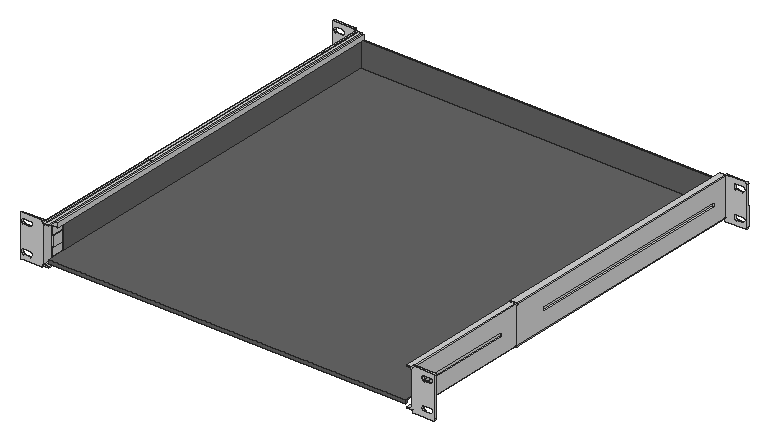
Revit family "Eurolan_Полка для клавиатуры выдвижная", category Устройства связи, Revit 2019
Family settings
  Сохранять ориентацию аннотаций = Нет
  Размер круглого соединителя = Использовать диаметр
  Тип детали = Нормальный
  На основе рабочей плоскости = Нет
  Всегда вертикально = Да
  При загрузке вырезать с полостями = Нет
  Общий = Нет
  Точка расчета площади = Нет
Parameters (values of type "Полка для клавиатуры выдвижная_450 мм")
  ADSK_Примечание = ""
  ADSK_Позиция = ""
  ADSK_Наименование краткое = "Полка для клавиатуры выдвижная"
  ADSK_Наименование = "Полка для клавиатуры выдвижная, 450 мм"
  ADSK_Материал = RAL 9005
  ADSK_Масса = 3.8
  ADSK_Марка = ""
  ADSK_Количество = 1  # constant formula
  ADSK_Код изделия = "60A-04-45-11BL"
  ADSK_Завод-изготовитель = "Eurolan"  # constant formula
  ADSK_Единица измерения = "шт"  # constant formula
Reference planes
  plane 1 "По центру (Вперед/Назад)": y = 0
  plane 2: z = 0
  plane 3 "По центру (Влево/Вправо)": x = 0
Dimensions and locks
  aligned and locked: level to plane 2
Nested families
  nested 1: "Полка для клавиатуры выдвижная" at (0, 0, 0), type "450"
Definition of nested family "Полка для клавиатуры выдвижная"
  Parameters (values of type "450")
    Ширина_2 = 481.8 mm  # constant formula
    Ширина = 418 mm  # constant formula
    Центровка_отверстия_2 = 31.75 mm
    Центровка_отверстие = 465 mm  # constant formula
    Глубина = 455 mm
    Высота_2 = 49 mm  # constant formula
    Высота_1 = 30.5 mm  # constant formula
    ADSK_Материал = none
  Reference planes
    plane 1 "По центру (Вперед/Назад)": y = 0
    plane 2: z = -0.058
    plane 3 "По центру (Влево/Вправо)": x = 0
    plane 4: x = -209
    plane 5: x = 209
    plane 6: y = 455
    plane 7: x = -240.9
    plane 8: x = 240.9
    plane 9: z = 24.5
    plane 10: z = -24.5
  Forms (mm)
    Extrusion 1, void
      sketch origin (-0.319, 0, 0) x (1, 0, 0) y (0, 1, 0)
        loop
          line (-207.5, 453.5) -> (-207.5, 22) -> (207.5, 22) -> (207.5, 453.5) -> (-207.5, 453.5)
      from -13.768 to 15.192
    Extrusion 2, solid, material <- "ADSK_Материал", detail levels fine
      sketch origin (0, 0, 0) x (1, 0, 0) y (0, 1, 0)
        loop
          line (-209, 455) -> (-209, 22) -> (209, 22) -> (209, 455) -> (-209, 455)
      from -15.308 to 15.192
    Extrusion 3, solid, detail levels fine
      sketch origin (0, 0, 0) x (1, 0, 0) y (0, 0, 1)
        loop
          line (-205.236, 15.827) -> (-205.236, 20.827) -> (-210.926, 20.827)
          arc (-210.926, 20.827) -> (-211.634, 20.534) -> (-211.926, 19.827) r 1
          line (-211.926, 19.827) -> (-211.926, -19.738)
          arc (-211.926, -19.738) -> (-211.634, -20.445) -> (-210.926, -20.738) r 1
          line (-210.926, -20.738) -> (-205.236, -20.738) -> (-205.236, -15.738) -> (-210.816, -15.738) -> (-210.816, -6.28) -> (-209.789, -6.28) -> (-209.789, 5.827) -> (-210.816, 5.827) -> (-210.816, 15.827) -> (-209.444, 15.827) -> (-205.236, 15.827)
      from -455 to -10.287
    Extrusion 4, solid, detail levels fine
      sketch origin (0, 0, 0) x (-1, 0, 0) y (0, 0, -1)
        loop
          line (-205.236, -15.827) -> (-209.444, -15.827) -> (-210.816, -15.827) -> (-210.816, -5.827) -> (-209.789, -5.827) -> (-209.789, 6.28) -> (-210.816, 6.28) -> (-210.816, 15.738) -> (-205.236, 15.738) -> (-205.236, 16.738) -> (-211.926, 16.738) -> (-211.926, -16.827) -> (-205.236, -16.827) -> (-205.236, -15.827)
      from -455 to -10.287
    Extrusion 5, solid, material <- "ADSK_Материал", detail levels medium
      sketch origin (0, 0, 0) x (1, 0, 0) y (0, 1, 0)
        loop
          line (-211.926, 455) -> (-211.926, 0) -> (-205.236, 0) -> (-205.236, 455) -> (-211.926, 455)
      from -20.738 to 20.827
    Extrusion 6, solid, material <- "ADSK_Материал", detail levels medium
      sketch origin (0, 0, 0) x (-1, 0, 0) y (0, -1, 0)
        loop
          line (-211.926, -455) -> (-205.236, -455) -> (-205.236, 0) -> (-211.926, 0) -> (-211.926, -455)
      from -20.738 to 20.827
    Extrusion 7, solid, material <- "ADSK_Материал", detail levels medium
      sketch origin (0, 0, 0) x (1, 0, 0) y (0, 1, 0)
        loop
          line (-241.163, 1.5) -> (-241.163, 0) -> (-211.926, 0) -> (-211.926, 1.5) -> (-241.163, 1.5)
      from -24.5 to 24.5
    Extrusion 8, solid, material <- "ADSK_Материал", detail levels medium
      sketch origin (0, 390, 0) x (1, 0, 0) y (0, 1, 0)
        loop
          line (-241.163, 63.5) -> (-211.926, 63.5) -> (-211.926, 65) -> (-241.163, 65) -> (-241.163, 63.5)
      from -24.5 to 24.5
    Extrusion 9, solid, material <- "ADSK_Материал", detail levels medium
      sketch origin (0, 390, 0) x (-1, 0, 0) y (0, -1, 0)
        loop
          line (-241.163, -63.5) -> (-241.163, -65) -> (-211.926, -65) -> (-211.926, -63.5) -> (-241.163, -63.5)
      from -24.5 to 24.5
    Extrusion 10, solid, material <- "ADSK_Материал", detail levels medium
      sketch origin (0, 0, 0) x (-1, 0, 0) y (0, -1, 0)
        loop
          line (-241.163, -1.5) -> (-211.926, -1.5) -> (-211.926, 0) -> (-241.163, 0) -> (-241.163, -1.5)
      from -24.5 to 24.5
    Extrusion 11, solid, material <- "ADSK_Материал", detail levels fine
      sketch origin (0, 0, 0) x (0, 1, 0) y (0, 0, 1)
        loop
          line (22, -13.768) -> (0, -13.768) -> (0, -18.355) -> (1.5, -18.355) -> (1.5, -15.308) -> (22, -15.308) -> (22, -13.768)
      from -207.819 to 207.181
    Extrusion 12, solid, material <- "ADSK_Материал", detail levels medium
      sketch origin (0, 0, 0) x (1, 0, 0) y (0, 1, 0)
        loop
          line (-209, 455) -> (-209, 0) -> (209, 0) -> (209, 455) -> (-209, 455)
      from -18.355 to 15.192
    Extrusion 13, solid, material <- "ADSK_Материал", detail levels coarse
      sketch origin (0, 0, 0) x (1, 0, 0) y (0, 1, 0)
        loop
          line (-240.9, 455) -> (-240.9, 0) -> (240.866, 0) -> (240.866, 455) -> (-240.9, 455)
      from -24.5 to 24.5
  Cuts and joins
    Extrusion 1 cuts Extrusion 2
    joined: Extrusion 2, Extrusion 11
    joined: Extrusion 5, Extrusion 6, Extrusion 7, Extrusion 8, Extrusion 9, Extrusion 10
  Lines and regions (mm)
    model lines
      curve 1: line (-232.5, 0, 17.875) -> (-232.5, 0, 13.875)
      curve 2: line (-234.466, 0, 15.875) -> (-230.466, 0, 15.875)
      curve 3: line (-232.5, 0, -17.875) -> (-232.5, 0, -13.875)
      curve 4: line (-234.466, 0, -15.875) -> (-230.466, 0, -15.875)
      curve 5: line (232.5, 0, 17.884) -> (232.5, 0, 13.884)
      curve 6: line (234.466, 0, 15.875) -> (230.466, 0, 15.875)
      curve 7: line (232.5, 0, -17.884) -> (232.5, 0, -13.884)
      curve 8: line (234.466, 0, -15.875) -> (230.466, 0, -15.875)
  Dimensions and locks
    equal spacing: plane 4, plane 3 "По центру (Влево/Вправо)", plane 5
    "Ширина": plane 4 to plane 5
    "Глубина": plane 6 to plane 1 "По центру (Вперед/Назад)"
    plane 5 to plane 4 = 418 mm
    equal spacing: plane 8, plane 3 "По центру (Влево/Вправо)", plane 7
    "Ширина_2": plane 8 to plane 7
    equal spacing: plane 9, level, plane 10
    "Высота_2": plane 9 to plane 10
    equal spacing: curve 7, plane 3 "По центру (Влево/Вправо)", curve 3
    curve 7 to curve 3 = 465 mm
    "Центровка_отверстия_2": curve 6 to curve 8
    plane 6 to plane 1 "По центру (Вперед/Назад)" = 455 mm
    equal spacing: curve 6, level, curve 8
    equal spacing: curve 2, level, curve 4
    "Центровка_отверстия_2": curve 2 to curve 4
    aligned and locked: level to plane 2
    aligned and locked: plane 6 to Extrusion 3
    aligned and locked: plane 6 to Extrusion 4
    aligned and locked: plane 1 "По центру (Вперед/Назад)" to Extrusion 5
    aligned and locked: plane 6 to Extrusion 5
    aligned and locked: plane 10 to Extrusion 7
    aligned and locked: plane 9 to Extrusion 7
    aligned and locked: plane 6 to Extrusion 8
    aligned and locked: plane 6 to Extrusion 9
    aligned and locked: Extrusion 2 to plane 4
    aligned and locked: plane 5 to Extrusion 2
    aligned and locked: Extrusion 2 to Extrusion 1
    aligned and locked: Extrusion 11 to cut or joined group of Extrusion 1, Extrusion 2, Extrusion 11
    aligned and locked: nested 3 to Extrusion 12 sketch curve
    aligned and locked: nested 2 to Extrusion 12 sketch curve
    aligned and locked: Extrusion 12 to cut or joined group of Extrusion 1, Extrusion 2, Extrusion 11
    aligned and locked: cut or joined group of Extrusion 1, Extrusion 2, Extrusion 11 to Extrusion 12
    aligned and locked: plane 10 to Extrusion 13
    aligned and locked: Extrusion 13 to plane 9
  Automatic sketch dimensions
    plane 4 to Extrusion 1 sketch curve = 1.181 mm
    Extrusion 1 sketch curve to plane 5 = 1.819 mm
    Extrusion 1 sketch curve to plane 1 "По центру (Вперед/Назад)" = 22 mm
    Extrusion 1 sketch curve to plane 6 = 1.5 mm
    Extrusion 2 sketch curve to plane 1 "По центру (Вперед/Назад)" = 22 mm
    Extrusion 2 sketch curve to plane 4 = 0 mm
    Extrusion 2 sketch curve to plane 5 = 0 mm
    Extrusion 2 sketch curve to plane 6 = 0 mm
    Extrusion 3 sketch curve to plane 4 = 2.926 mm
    Extrusion 3 sketch curve to Extrusion 3 sketch curve = 1 mm  (x2)
    Extrusion 3 sketch curve to plane 4 = 1.816 mm  (x2)
    Extrusion 3 sketch curve to plane 4 = 0.789 mm
    Extrusion 3 sketch curve to plane 4 = 0.444 mm
    plane 4 to Extrusion 3 sketch curve = 3.764 mm  (x2)
    Extrusion 3 sketch curve to Extrusion 3 sketch curve = 4 mm  (x2)
    Extrusion 3 sketch curve to plane 2 = 6.222 mm
    level to Extrusion 3 sketch curve = 5.827 mm
    Extrusion 4 sketch curve to plane 5 = 2.926 mm
    Extrusion 4 sketch curve to plane 5 = 1.816 mm
    Extrusion 4 sketch curve to Extrusion 4 sketch curve = 1.111 mm
    Extrusion 4 sketch curve to plane 5 = 0.789 mm
    Extrusion 4 sketch curve to plane 5 = 0.444 mm
    plane 5 to Extrusion 4 sketch curve = 3.764 mm  (x2)
    plane 2 to Extrusion 4 sketch curve = 6.222 mm
    Extrusion 4 sketch curve to level = 5.827 mm
    plane 1 "По центру (Вперед/Назад)" to Extrusion 5 sketch curve = 0 mm
    Extrusion 5 sketch curve to plane 6 = 0 mm
    Extrusion 5 sketch curve to plane 4 = 2.926 mm
    plane 4 to Extrusion 5 sketch curve = 3.764 mm
    plane 1 "По центру (Вперед/Назад)" to Extrusion 6 sketch curve = 0 mm
    Extrusion 6 sketch curve to plane 6 = 0 mm
    Extrusion 6 sketch curve to plane 5 = 2.926 mm
    plane 5 to Extrusion 6 sketch curve = 3.764 mm
    plane 1 "По центру (Вперед/Назад)" to Extrusion 7 sketch curve = 0 mm
    Extrusion 7 sketch curve to plane 7 = 0.263 mm
    Extrusion 7 sketch curve to plane 4 = 2.926 mm
    Extrusion 7 sketch curve to Extrusion 7 sketch curve = 1.5 mm
    Extrusion 8 sketch curve to plane 6 = 0 mm
    plane 7 to Extrusion 8 sketch curve = 0.263 mm
    plane 4 to Extrusion 8 sketch curve = 2.926 mm
    plane 6 to Extrusion 8 sketch curve = 1.5 mm
    Extrusion 9 sketch curve to plane 6 = 0 mm
    Extrusion 9 sketch curve to plane 8 = 0.263 mm
    plane 5 to Extrusion 9 sketch curve = 2.926 mm
    Extrusion 9 sketch curve to plane 6 = 1.5 mm
    plane 1 "По центру (Вперед/Назад)" to Extrusion 10 sketch curve = 0 mm
    plane 8 to Extrusion 10 sketch curve = 0.263 mm
    Extrusion 10 sketch curve to plane 5 = 2.926 mm
    plane 1 "По центру (Вперед/Назад)" to Extrusion 10 sketch curve = 1.5 mm
    Extrusion 11 sketch curve to plane 1 "По центру (Вперед/Назад)" = 0 mm
    Extrusion 11 sketch curve to plane 10 = 6.145 mm
    Extrusion 11 sketch curve to plane 1 "По центру (Вперед/Назад)" = 1.5 mm
    Extrusion 11 sketch curve to Extrusion 11 sketch curve = 20.5 mm
    Extrusion 3 sketch curve to plane 9 = 8.673 mm
    plane 9 to Extrusion 4 sketch curve = 8.673 mm
    Extrusion 4 sketch curve to Extrusion 4 sketch curve = 1 mm  (x2)
    Extrusion 3 sketch curve to plane 10 = 8.762 mm
    plane 10 to Extrusion 4 sketch curve = 8.762 mm
    Extrusion 11 sketch curve to plane 10 = 9.192 mm
    Extrusion 11 sketch curve to Extrusion 11 sketch curve = 1.54 mm
    Extrusion 12 sketch curve to plane 4 = 0 mm
    Extrusion 12 sketch curve to plane 5 = 0 mm
    plane 1 "По центру (Вперед/Назад)" to Extrusion 13 sketch curve = 0 mm
    Extrusion 13 sketch curve to plane 7 = 0 mm
    Extrusion 13 sketch curve to plane 6 = 0 mm
    plane 8 to Extrusion 13 sketch curve = 0.034 mm
    plane 7 to curve 1 = 8.4 mm
    curve 4 to curve 3 = 1.966 mm
    curve 2 to curve 1 = 1.966 mm
    curve 3 to curve 4 = 2.034 mm
    curve 1 to curve 2 = 2.034 mm
    curve 8 to curve 7 = 2.034 mm
    plane 8 to curve 6 = 10.434 mm
    curve 6 to curve 5 = 2.034 mm
    curve 7 to curve 8 = 1.966 mm
    curve 5 to curve 6 = 1.966 mm
    curve 3 to curve 4 = 2 mm
    curve 7 to curve 8 = 2.009 mm
    curve 8 to curve 7 = 1.991 mm
    curve 4 to curve 3 = 2 mm
    curve 1 to curve 2 = 2 mm
    curve 5 to curve 6 = 1.991 mm
    curve 2 to curve 1 = 2 mm
    curve 6 to curve 5 = 2.009 mm
  Nested families
    nested 1: "Уши_для_выд._полки" at (-231.153, 1.5, 0), type "Уши_для_выд._полки", detail levels fine
    nested 2: "Уши_для_выд._полки" at (231.153, 1.5, 0) x (-1, 0, 0) z (0, 0, 1), type "Уши_для_выд._полки", detail levels fine
    nested 3: "Уши2_для_выд._полки" at (-231.187, 453.5, 0), type "Уши2_для_выд._полки"
    nested 4: "Уши2_для_выд._полки" at (231.187, 453.5, 0) x (-1, 0, 0) z (0, 0, 1), type "Уши2_для_выд._полки"
  Definition of nested family "Уши_для_выд._полки"
    Parameters (values of type "Уши_для_выд._полки")
      Глубина = 150 mm
      ADSK_Материал = none
    Reference planes
      plane 1 "По центру (Вперед/Назад)": y = 0
      plane 2: z = 0
      plane 3 "По центру (Влево/Вправо)": x = 0
    Forms (mm)
      Extrusion 1, solid, material <- "ADSK_Материал", detail levels fine
        sketch origin (0, 0, 0) x (1, 0, 0) y (0, 0, 1)
          loop
            line (-9.713, 22.5) -> (-9.713, -22.5)
            arc (-9.713, -22.5) -> (-9.127, -23.914) -> (-7.713, -24.5) r 2
            line (-7.713, -24.5) -> (14.974, -24.5)
            arc (14.974, -24.5) -> (15.681, -24.207) -> (15.974, -23.5) r 1
            line (15.974, -23.5) -> (15.974, 23.5)
            arc (15.974, 23.5) -> (15.681, 24.207) -> (14.974, 24.5) r 1
            line (14.974, 24.5) -> (-7.713, 24.5)
            arc (-7.713, 24.5) -> (-9.127, 23.914) -> (-9.713, 22.5) r 2
          loop
            arc (-4.513, -12.684) -> (-7.713, -15.884) -> (-4.513, -19.084) r 3.2
            line (-4.513, -19.084) -> (1.887, -19.084)
            arc (1.887, -19.084) -> (5.087, -15.884) -> (1.887, -12.684) r 3.2
            line (1.887, -12.684) -> (-4.513, -12.684)
          loop
            arc (-4.513, 19.084) -> (-7.713, 15.884) -> (-4.513, 12.684) r 3.2
            line (-4.513, 12.684) -> (1.887, 12.684)
            arc (1.887, 12.684) -> (5.087, 15.884) -> (1.887, 19.084) r 3.2
            line (1.887, 19.084) -> (-4.513, 19.084)
        from 0 to 1.5
      Extrusion 2, solid, material <- "ADSK_Материал", detail levels fine
        sketch origin (0, 0, 0) x (1, 0, 0) y (0, 0, 1)
          loop
            line (15.974, 21.552) -> (15.974, -21.552)
            arc (15.974, -21.552) -> (16.267, -22.259) -> (16.974, -22.552) r 1
            line (16.974, -22.552) -> (23.531, -22.552) -> (23.531, -21.255) -> (18.739, -21.255)
            arc (18.739, -21.255) -> (18.032, -20.962) -> (17.739, -20.255) r 1
            line (17.739, -20.255) -> (17.739, 20.255)
            arc (17.739, 20.255) -> (18.032, 20.962) -> (18.739, 21.255) r 1
            line (18.739, 21.255) -> (23.531, 21.255) -> (23.531, 22.552) -> (16.974, 22.552)
            arc (16.974, 22.552) -> (16.267, 22.259) -> (15.974, 21.552) r 1
        from -150 to 1.5
      Extrusion 3, void
        sketch origin (0, 0, 0) x (0, 1, 0) y (0, 0, 1)
          loop
            line (15.728, 2.5) -> (15.728, -2.5) -> (128.32, -2.5) -> (128.32, 2.5) -> (15.728, 2.5)
        from 15.974 to 17.739
    Cuts and joins
      Extrusion 3 cuts Extrusion 1
      Extrusion 3 cuts Extrusion 2
      joined: Extrusion 1, Extrusion 2
    Dimensions and locks
      "Глубина": cut or joined group of Extrusion 1, Extrusion 2, Extrusion 3 to plane 1 "По центру (Вперед/Назад)"
      aligned and locked: level to plane 2
      aligned and locked: Extrusion 3 to Extrusion 1
      aligned and locked: Extrusion 2 to Extrusion 3
    Automatic sketch dimensions
      Extrusion 1 sketch curve to plane 3 "По центру (Влево/Вправо)" = 9.713 mm
      Extrusion 1 sketch curve to Extrusion 1 sketch curve = 2 mm  (x2)
      Extrusion 1 sketch curve to plane 3 "По центру (Влево/Вправо)" = 4.513 mm  (x2)
      plane 3 "По центру (Влево/Вправо)" to Extrusion 1 sketch curve = 1.887 mm  (x2)
      Extrusion 1 sketch curve to Extrusion 1 sketch curve = 13.087 mm  (x2)
      Extrusion 1 sketch curve to Extrusion 1 sketch curve = 1 mm
      Extrusion 1 sketch curve to level = 24.5 mm
      Extrusion 1 sketch curve to Extrusion 1 sketch curve = 3.416 mm  (x2)
      Extrusion 1 sketch curve to Extrusion 1 sketch curve = 3.2 mm  (x2)
      level to Extrusion 1 sketch curve = 12.684 mm
      plane 3 "По центру (Влево/Вправо)" to Extrusion 2 sketch curve = 15.974 mm
      Extrusion 2 sketch curve to Extrusion 2 sketch curve = 1 mm  (x4)
      Extrusion 2 sketch curve to Extrusion 2 sketch curve = 0.765 mm
      Extrusion 2 sketch curve to Extrusion 2 sketch curve = 4.792 mm  (x2)
      Extrusion 2 sketch curve to level = 22.552 mm
      Extrusion 2 sketch curve to Extrusion 2 sketch curve = 1.296 mm  (x2)
      level to Extrusion 2 sketch curve = 20.255 mm
      Extrusion 3 sketch curve to level = 2.5 mm
      Extrusion 3 sketch curve to plane 1 "По центру (Вперед/Назад)" = 15.728 mm
      Extrusion 3 sketch curve to Extrusion 3 sketch curve = 112.592 mm
      level to Extrusion 3 sketch curve = 2.5 mm
  Definition of nested family "Уши2_для_выд._полки"
    Parameters (values of type "Уши2_для_выд._полки")
      Центровка = 31.75 mm
      Глубина = 303 mm
      ADSK_Материал = none
    Reference planes
      plane 1 "По центру (Вперед/Назад)": y = 0
      plane 2: z = 0
      plane 3 "По центру (Влево/Вправо)": x = 0
    Forms (mm)
      Extrusion 1, solid, material <- "ADSK_Материал", detail levels fine
        sketch origin (0, 0, 0) x (1, 0, 0) y (0, 0, 1)
          loop
            line (-9.713, 22.491) -> (-9.713, -22.491)
            arc (-9.713, -22.491) -> (-9.127, -23.905) -> (-7.713, -24.491) r 2
            line (-7.713, -24.491) -> (14.974, -24.491)
            arc (14.974, -24.491) -> (15.681, -24.198) -> (15.974, -23.491) r 1
            line (15.974, -23.491) -> (15.974, 23.491)
            arc (15.974, 23.491) -> (15.681, 24.198) -> (14.974, 24.491) r 1
            line (14.974, 24.491) -> (-7.713, 24.491)
            arc (-7.713, 24.491) -> (-9.127, 23.905) -> (-9.713, 22.491) r 2
          loop
            arc (-4.513, -12.675) -> (-7.713, -15.875) -> (-4.513, -19.075) r 3.2
            line (-4.513, -19.075) -> (1.887, -19.075)
            arc (1.887, -19.075) -> (5.087, -15.875) -> (1.887, -12.675) r 3.2
            line (1.887, -12.675) -> (-4.513, -12.675)
          loop
            arc (-4.513, 19.075) -> (-7.713, 15.875) -> (-4.513, 12.675) r 3.2
            line (-4.513, 12.675) -> (1.887, 12.675)
            arc (1.887, 12.675) -> (5.087, 15.875) -> (1.887, 19.075) r 3.2
            line (1.887, 19.075) -> (-4.513, 19.075)
        from 0 to 1.5
      Extrusion 2, solid, material <- "ADSK_Материал", detail levels fine
        sketch origin (0, 0, 0) x (1, 0, 0) y (0, 0, 1)
          loop
            line (15.974, 21.552) -> (15.974, -21.552)
            arc (15.974, -21.552) -> (16.267, -22.259) -> (16.974, -22.552) r 1
            line (16.974, -22.552) -> (23.531, -22.552) -> (23.531, -21.255) -> (18.739, -21.255)
            arc (18.739, -21.255) -> (18.032, -20.962) -> (17.739, -20.255) r 1
            line (17.739, -20.255) -> (17.739, 20.255)
            arc (17.739, 20.255) -> (18.032, 20.962) -> (18.739, 21.255) r 1
            line (18.739, 21.255) -> (23.531, 21.255) -> (23.531, 22.552) -> (16.974, 22.552)
            arc (16.974, 22.552) -> (16.267, 22.259) -> (15.974, 21.552) r 1
        from -303 to 1.5
      Extrusion 3, void
        sketch origin (0, 0, 0) x (0, 1, 0) y (0, 0, 1)
          loop
            line (15.728, 2.5) -> (15.728, -2.5) -> (265.154, -2.5) -> (265.154, 2.5) -> (15.728, 2.5)
        from 15.974 to 17.739
    Cuts and joins
      Extrusion 3 cuts Extrusion 1
      Extrusion 3 cuts Extrusion 2
      joined: Extrusion 1, Extrusion 2
    Dimensions and locks
      "Глубина": cut or joined group of Extrusion 1, Extrusion 2, Extrusion 3 to plane 1 "По центру (Вперед/Назад)"
      aligned and locked: level to plane 2
      aligned and locked: Extrusion 3 to Extrusion 1
      aligned and locked: Extrusion 2 to Extrusion 3
    Automatic sketch dimensions
      plane 3 "По центру (Влево/Вправо)" to Extrusion 2 sketch curve = 15.974 mm
      Extrusion 2 sketch curve to Extrusion 2 sketch curve = 1 mm  (x4)
      Extrusion 2 sketch curve to Extrusion 2 sketch curve = 0.765 mm
      Extrusion 2 sketch curve to Extrusion 2 sketch curve = 4.792 mm  (x2)
      Extrusion 2 sketch curve to level = 22.552 mm
      Extrusion 2 sketch curve to Extrusion 2 sketch curve = 1.296 mm  (x2)
      level to Extrusion 2 sketch curve = 20.255 mm
      Extrusion 3 sketch curve to level = 2.5 mm
      Extrusion 3 sketch curve to plane 1 "По центру (Вперед/Назад)" = 15.728 mm
      Extrusion 3 sketch curve to Extrusion 3 sketch curve = 249.425 mm
      level to Extrusion 3 sketch curve = 2.5 mm
      Extrusion 1 sketch curve to plane 3 "По центру (Влево/Вправо)" = 9.713 mm
      Extrusion 1 sketch curve to Extrusion 1 sketch curve = 2 mm  (x2)
      Extrusion 1 sketch curve to plane 3 "По центру (Влево/Вправо)" = 4.513 mm  (x2)
      plane 3 "По центру (Влево/Вправо)" to Extrusion 1 sketch curve = 1.887 mm  (x2)
      Extrusion 1 sketch curve to Extrusion 1 sketch curve = 13.087 mm  (x2)
      Extrusion 1 sketch curve to Extrusion 1 sketch curve = 1 mm
      Extrusion 1 sketch curve to Extrusion 1 sketch curve = 3.2 mm  (x2)
      Extrusion 1 sketch curve to Extrusion 1 sketch curve = 3.416 mm  (x2)
      Extrusion 1 sketch curve to level = 24.491 mm
      level to Extrusion 1 sketch curve = 12.675 mm
